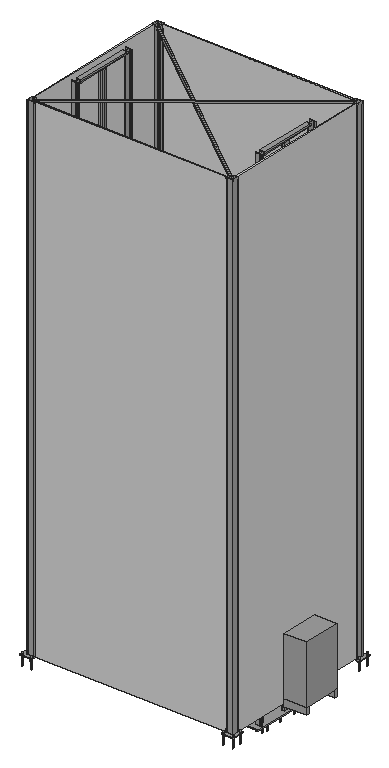
Revit family "1SE_Trez_TC_2C_T_2000_With_Pit", category Specialty Equipment, Revit 2019
Family settings
  Round Connector Dimension = Use Diameter
  Part Type = Normal
  Work Plane-Based = No
  Always vertical = Yes
  Cut with Voids When Loaded = Yes
  Shared = No
  Room Calculation Point = No
Parameters (values of type "Platform-2300x2300mm with Door Height 2500mm")
  Safe Working Load = 2000.00 kg  # constant formula
  Safe Space = if(Cabin or Platform = Cabin, 900.0 mm, if(and(Cabin or Platform = Platform, Door Clear Height > 1900.0 mm), 600.0 mm, 0.0 mm))  # 600.0 mm
  Platform = Speciality_Equipment_Trez_Platform : Platform
  Door Clear Width = Clear Width  # 2300.0 mm
  Door Clear Height = 2500.0 mm
  Clear Width = 2300.0 mm
  URL = "https://trez.bg/en/products/goods-only-lift-tc/tc-2ct-two-cylinders-and-tower/"
  Tower Width = Real Width + 2 * Clearance  # 3150.0 mm
  Tower Depth = Real Depth + 180.0 mm  # 2480.0 mm
  Tower Cladding Material = TREZ_Steel_Cladding
  Real Width = if(Clear Width < 1300.0 mm, 1300.0 mm, if(Clear Width > 2300.0 mm, 2300.0 mm, Clear Width))  # 2300.0 mm
  Real Depth = if(Clear Depth < 1300.0 mm, 1300.0 mm, if(Clear Depth > 2300.0 mm, 2300.0 mm, Clear Depth))  # 2300.0 mm
  Profiles Material = TREZ_Steel_Profiles
  Platform Material = TREZ_Steel_Platform
  Pit Height = 250.0 mm  # constant formula
  Travel = 4500.0 mm
  Rail Height = Travel + Pit Height + Headroom  # 7850.0 mm
  Model = "TC 2C T 2000"
  Manufacturer = "TREZ Ltd."
  Headroom = Door Clear Height + Safe Space  # 3100.0 mm
  Description = "Trez Compact 2 Cylinders Tower. Goods only lift."  # constant formula
  Clear Depth = 2300.0 mm
  Created By URL = "https://all1studio.com/"
  Created By = "All 1 Studio Ltd."
  Clearance = 425.0 mm  # constant formula
  Cabin or Platform Back = yes
  Cabin or Platform = Speciality_Equipment_Trez_Platform : Platform
  Cabin = Speciality_Equipment_Trez_Cabin : Cabin
Reference planes
  plane 1 "Center (Front/Back)": y = 0
  plane 2: z = 0
  plane 3 "Center (Left/Right)": x = 0
  plane 4: x = -1150
  plane 5: x = 1150
  plane 6: y = 1150
  plane 7: y = -1150
  plane 8: x = 1575
  plane 9: y = 1260
  plane 10: x = -1575
  plane 11: y = -1220
  plane 12: x = 1520
  plane 13: x = -1520
  plane 14: y = 1205
  plane 15: y = -1165
  plane 16: z = 4500
  plane 17 "Top of Lift": z = 7600
  plane 18 "Pit": z = -250
  plane 19: x = -1528.5
  plane 20: x = 1528.5
  plane 21: x = 1785
  plane 22: x = -1559.032
  plane 23: x = -1541.032
  plane 24: y = 1244
  plane 25: y = 1226
  plane 26: x = 1559
  plane 27: x = 1541
  plane 28: y = -1204
  plane 29: y = -1186
  plane 30: x = -1635
  plane 31: y = 1320
  plane 32: x = 1635
  plane 33: y = -1280
  plane 34: x = -1388.5
  plane 35: x = 1388.5
  plane 36: z = 7540
  plane 37: z = 40
  plane 38: z = -145
Forms (mm)
  Extrusion 1, solid, material "TREZ_Steel_Cladding" <- "Tower Cladding Material", detail levels coarse+medium
    sketch origin (0, 0, 0) x (1, 0, 0) y (0, 1, 0)
      loop
        line (-1575, 1260) -> (-1575, 1155) -> (-1559.032, 1155) -> (-1559.032, -1115) -> (-1575, -1115) -> (-1575, -1220) -> (-1470, -1220) -> (-1470, -1204) -> (1470, -1204) -> (1470, -1220) -> (1575, -1220) -> (1575, -1115) -> (1559, -1115) -> (1559, 1155) -> (1575, 1155) -> (1575, 1260) -> (1470, 1260) -> (1470, 1244) -> (-1470, 1244) -> (-1470, 1260) -> (-1575, 1260)
      loop
        line (-1520, 1205) -> (-1520, 1155) -> (-1541.032, 1155) -> (-1541.032, -1115) -> (-1520, -1115) -> (-1520, -1165) -> (-1470, -1165) -> (-1470, -1186) -> (1470, -1186) -> (1470, -1165) -> (1520, -1165) -> (1520, -1115) -> (1541, -1115) -> (1541, 1155) -> (1520, 1155) -> (1520, 1205) -> (1470, 1205) -> (1470, 1226) -> (-1470, 1226) -> (-1470, 1205) -> (-1520, 1205)
    from 0 to 7600
  Extrusion 2, void
    sketch origin (0, 0, 0) x (1, 0, 0) y (0, 1, 0)
      loop
        line (-1528.5, 1205) -> (-1528.5, -1165) -> (1528.5, -1165) -> (1528.5, 1205) -> (-1528.5, 1205)
    from 0 to -250
  Extrusion 3, solid, material "TREZ_Steel_Profiles" <- "Profiles Material", detail levels fine
    sketch origin (0, 0, 0) x (1, 0, 0) y (0, 1, 0)
      loop
        line (-1575, 1253) -> (-1575, 1162)
        arc (-1575, 1162) -> (-1572.95, 1157.05) -> (-1568, 1155) r 7
        line (-1568, 1155) -> (-1527, 1155)
        arc (-1527, 1155) -> (-1522.05, 1157.05) -> (-1520, 1162) r 7
        line (-1520, 1162) -> (-1520, 1198)
        arc (-1520, 1198) -> (-1517.95, 1202.95) -> (-1513, 1205) r 7
        line (-1513, 1205) -> (-1477, 1205)
        arc (-1477, 1205) -> (-1472.05, 1207.05) -> (-1470, 1212) r 7
        line (-1470, 1212) -> (-1470, 1253)
        arc (-1470, 1253) -> (-1472.05, 1257.95) -> (-1477, 1260) r 7
        line (-1477, 1260) -> (-1568, 1260)
        arc (-1568, 1260) -> (-1572.95, 1257.95) -> (-1575, 1253) r 7
      loop
        line (1568, 1260) -> (1477, 1260)
        arc (1477, 1260) -> (1472.05, 1257.95) -> (1470, 1253) r 7
        line (1470, 1253) -> (1470, 1212)
        arc (1470, 1212) -> (1472.05, 1207.05) -> (1477, 1205) r 7
        line (1477, 1205) -> (1513, 1205)
        arc (1513, 1205) -> (1517.95, 1202.95) -> (1520, 1198) r 7
        line (1520, 1198) -> (1520, 1162)
        arc (1520, 1162) -> (1522.05, 1157.05) -> (1527, 1155) r 7
        line (1527, 1155) -> (1568, 1155)
        arc (1568, 1155) -> (1572.95, 1157.05) -> (1575, 1162) r 7
        line (1575, 1162) -> (1575, 1253)
        arc (1575, 1253) -> (1572.95, 1257.95) -> (1568, 1260) r 7
      loop
        arc (-1575, -1213) -> (-1572.95, -1217.95) -> (-1568, -1220) r 7
        line (-1568, -1220) -> (-1477, -1220)
        arc (-1477, -1220) -> (-1472.05, -1217.95) -> (-1470, -1213) r 7
        line (-1470, -1213) -> (-1470, -1172)
        arc (-1470, -1172) -> (-1472.05, -1167.05) -> (-1477, -1165) r 7
        line (-1477, -1165) -> (-1513, -1165)
        arc (-1513, -1165) -> (-1517.95, -1162.95) -> (-1520, -1158) r 7
        line (-1520, -1158) -> (-1520, -1122)
        arc (-1520, -1122) -> (-1522.05, -1117.05) -> (-1527, -1115) r 7
        line (-1527, -1115) -> (-1568, -1115)
        arc (-1568, -1115) -> (-1572.95, -1117.05) -> (-1575, -1122) r 7
        line (-1575, -1122) -> (-1575, -1213)
      loop
        arc (1568, -1220) -> (1572.95, -1217.95) -> (1575, -1213) r 7
        line (1575, -1213) -> (1575, -1122)
        arc (1575, -1122) -> (1572.95, -1117.05) -> (1568, -1115) r 7
        line (1568, -1115) -> (1527, -1115)
        arc (1527, -1115) -> (1522.05, -1117.05) -> (1520, -1122) r 7
        line (1520, -1122) -> (1520, -1158)
        arc (1520, -1158) -> (1517.95, -1162.95) -> (1513, -1165) r 7
        line (1513, -1165) -> (1477, -1165)
        arc (1477, -1165) -> (1472.05, -1167.05) -> (1470, -1172) r 7
        line (1470, -1172) -> (1470, -1213)
        arc (1470, -1213) -> (1472.05, -1217.95) -> (1477, -1220) r 7
        line (1477, -1220) -> (1568, -1220)
      loop
        arc (-1473, 1253) -> (-1474.172, 1255.828) -> (-1477, 1257) r 4
        line (-1477, 1257) -> (-1568, 1257)
        arc (-1568, 1257) -> (-1570.828, 1255.828) -> (-1572, 1253) r 4
        line (-1572, 1253) -> (-1572, 1162)
        arc (-1572, 1162) -> (-1570.828, 1159.172) -> (-1568, 1158) r 4
        line (-1568, 1158) -> (-1527, 1158)
        arc (-1527, 1158) -> (-1524.172, 1159.172) -> (-1523, 1162) r 4
        line (-1523, 1162) -> (-1523, 1198)
        arc (-1523, 1198) -> (-1520.071, 1205.071) -> (-1513, 1208) r 10
        line (-1513, 1208) -> (-1477, 1208)
        arc (-1477, 1208) -> (-1474.172, 1209.172) -> (-1473, 1212) r 4
        line (-1473, 1212) -> (-1473, 1253)
      loop
        line (-1473, -1213) -> (-1473, -1172)
        arc (-1473, -1172) -> (-1474.172, -1169.172) -> (-1477, -1168) r 4
        line (-1477, -1168) -> (-1513, -1168)
        arc (-1513, -1168) -> (-1520.071, -1165.071) -> (-1523, -1158) r 10
        line (-1523, -1158) -> (-1523, -1122)
        arc (-1523, -1122) -> (-1524.172, -1119.172) -> (-1527, -1118) r 4
        line (-1527, -1118) -> (-1568, -1118)
        arc (-1568, -1118) -> (-1570.828, -1119.172) -> (-1572, -1122) r 4
        line (-1572, -1122) -> (-1572, -1213)
        arc (-1572, -1213) -> (-1570.828, -1215.828) -> (-1568, -1217) r 4
        line (-1568, -1217) -> (-1477, -1217)
        arc (-1477, -1217) -> (-1474.172, -1215.828) -> (-1473, -1213) r 4
      loop
        line (1572, -1213) -> (1572, -1122)
        arc (1572, -1122) -> (1570.828, -1119.172) -> (1568, -1118) r 4
        line (1568, -1118) -> (1527, -1118)
        arc (1527, -1118) -> (1524.172, -1119.172) -> (1523, -1122) r 4
        line (1523, -1122) -> (1523, -1158)
        arc (1523, -1158) -> (1520.071, -1165.071) -> (1513, -1168) r 10
        line (1513, -1168) -> (1477, -1168)
        arc (1477, -1168) -> (1474.172, -1169.172) -> (1473, -1172) r 4
        line (1473, -1172) -> (1473, -1213)
        arc (1473, -1213) -> (1474.172, -1215.828) -> (1477, -1217) r 4
        line (1477, -1217) -> (1568, -1217)
        arc (1568, -1217) -> (1570.828, -1215.828) -> (1572, -1213) r 4
      loop
        arc (1572, 1253) -> (1570.828, 1255.828) -> (1568, 1257) r 4
        line (1568, 1257) -> (1477, 1257)
        arc (1477, 1257) -> (1474.172, 1255.828) -> (1473, 1253) r 4
        line (1473, 1253) -> (1473, 1212)
        arc (1473, 1212) -> (1474.172, 1209.172) -> (1477, 1208) r 4
        line (1477, 1208) -> (1513, 1208)
        arc (1513, 1208) -> (1520.071, 1205.071) -> (1523, 1198) r 10
        line (1523, 1198) -> (1523, 1162)
        arc (1523, 1162) -> (1524.172, 1159.172) -> (1527, 1158) r 4
        line (1527, 1158) -> (1568, 1158)
        arc (1568, 1158) -> (1570.828, 1159.172) -> (1572, 1162) r 4
        line (1572, 1162) -> (1572, 1253)
    from 5 to 7600
  Extrusion 4, solid, material "TREZ_Steel_Cladding" <- "Tower Cladding Material", detail levels fine
    sketch origin (0, 0, 0) x (1, 0, 0) y (0, 1, 0)
      loop
        line (1559, 1155) -> (1541, 1155) -> (1541, -1115) -> (1559, -1115) -> (1559, 1155)
      loop
        line (1470, 1244) -> (-1470, 1244) -> (-1470, 1226) -> (1470, 1226) -> (1470, 1244)
      loop
        line (1470, -1186) -> (-1470, -1186) -> (-1470, -1204) -> (1470, -1204) -> (1470, -1186)
      loop
        line (-1541.032, -1115) -> (-1541.032, 1155) -> (-1559.032, 1155) -> (-1559.032, -1115) -> (-1541.032, -1115)
    from 0 to 7600
  Extrusion 5, solid, material "TREZ_Steel_Profiles" <- "Profiles Material", detail levels fine
    sketch origin (0, 0, 0) x (1, 0, 0) y (0, 1, 0)
      loop
        arc (1457, 1320) -> (1452.05, 1317.95) -> (1450, 1313) r 7
        line (1450, 1313) -> (1450, 1260) -> (1470, 1260) -> (1470, 1205) -> (1520, 1205) -> (1520, 1155) -> (1575, 1155) -> (1575, 1135) -> (1628, 1135)
        arc (1628, 1135) -> (1632.95, 1137.05) -> (1635, 1142) r 7
        line (1635, 1142) -> (1635, 1313)
        arc (1635, 1313) -> (1632.95, 1317.95) -> (1628, 1320) r 7
        line (1628, 1320) -> (1457, 1320)
      loop
        line (-1457, 1320) -> (-1628, 1320)
        arc (-1628, 1320) -> (-1632.95, 1317.95) -> (-1635, 1313) r 7
        line (-1635, 1313) -> (-1635, 1142)
        arc (-1635, 1142) -> (-1632.95, 1137.05) -> (-1628, 1135) r 7
        line (-1628, 1135) -> (-1575, 1135) -> (-1575, 1155) -> (-1520, 1155) -> (-1520, 1205) -> (-1470, 1205) -> (-1470, 1260) -> (-1450, 1260) -> (-1450, 1313)
        arc (-1450, 1313) -> (-1452.05, 1317.95) -> (-1457, 1320) r 7
      loop
        line (1457, -1280) -> (1628, -1280)
        arc (1628, -1280) -> (1632.95, -1277.95) -> (1635, -1273) r 7
        line (1635, -1273) -> (1635, -1102)
        arc (1635, -1102) -> (1632.95, -1097.05) -> (1628, -1095) r 7
        line (1628, -1095) -> (1575, -1095) -> (1575, -1115) -> (1520, -1115) -> (1520, -1165) -> (1470, -1165) -> (1470, -1220) -> (1450, -1220) -> (1450, -1273)
        arc (1450, -1273) -> (1452.05, -1277.95) -> (1457, -1280) r 7
      loop
        arc (-1457, -1280) -> (-1452.05, -1277.95) -> (-1450, -1273) r 7
        line (-1450, -1273) -> (-1450, -1220) -> (-1470, -1220) -> (-1470, -1165) -> (-1520, -1165) -> (-1520, -1115) -> (-1575, -1115) -> (-1575, -1095) -> (-1628, -1095)
        arc (-1628, -1095) -> (-1632.95, -1097.05) -> (-1635, -1102) r 7
        line (-1635, -1102) -> (-1635, -1273)
        arc (-1635, -1273) -> (-1632.95, -1277.95) -> (-1628, -1280) r 7
        line (-1628, -1280) -> (-1457, -1280)
    from 5 to 0
  Sweep 6, solid, material "TREZ_Steel_Profiles" <- "Profiles Material", detail levels fine
    path origin (0, 0, 7600) x (-1, 0, 0) y (0, -1, 0)
      loop
        line (1520, 1165) -> (-1520, -1205)
    profile origin (0, 20, 7600) x (-0.614838, 0.788653, 0) y (0, 0, 1)
      loop
        line (15, 0) -> (-15, 0) -> (-15, -30) -> (15, -30) -> (15, 0)
  Sweep 7, solid, material "TREZ_Steel_Profiles" <- "Profiles Material", detail levels fine
    path origin (0, 0, 7600) x (-1, 0, 0) y (0, -1, 0)
      loop
        line (1520, -1205) -> (-1520, 1165)
    profile origin (0, 20, 7600) x (0.614838, 0.788653, 0) y (0, 0, 1)
      loop
        line (-15, -60) -> (15, -60) -> (15, -30) -> (-15, -30) -> (-15, -60)
  Extrusion 8, void
    sketch origin (0, 0, 7600) x (-1, 0, 0) y (0, -1, 0)
      loop
        arc (1527, -1155) -> (1522.05, -1157.05) -> (1520, -1162) r 7
        line (1520, -1162) -> (1520, -1198)
        arc (1520, -1198) -> (1517.95, -1202.95) -> (1513, -1205) r 7
        line (1513, -1205) -> (1477, -1205)
        arc (1477, -1205) -> (1472.05, -1207.05) -> (1470, -1212) r 7
        line (1470, -1212) -> (1470, -1253)
        arc (1470, -1253) -> (1472.05, -1257.95) -> (1477, -1260) r 7
        line (1477, -1260) -> (1568, -1260)
        arc (1568, -1260) -> (1572.95, -1257.95) -> (1575, -1253) r 7
        line (1575, -1253) -> (1575, -1162)
        arc (1575, -1162) -> (1572.95, -1157.05) -> (1568, -1155) r 7
        line (1568, -1155) -> (1527, -1155)
      loop
        arc (-1470, -1212) -> (-1472.05, -1207.05) -> (-1477, -1205) r 7
        line (-1477, -1205) -> (-1513, -1205)
        arc (-1513, -1205) -> (-1517.95, -1202.95) -> (-1520, -1198) r 7
        line (-1520, -1198) -> (-1520, -1162)
        arc (-1520, -1162) -> (-1522.05, -1157.05) -> (-1527, -1155) r 7
        line (-1527, -1155) -> (-1568, -1155)
        arc (-1568, -1155) -> (-1572.95, -1157.05) -> (-1575, -1162) r 7
        line (-1575, -1162) -> (-1575, -1253)
        arc (-1575, -1253) -> (-1572.95, -1257.95) -> (-1568, -1260) r 7
        line (-1568, -1260) -> (-1477, -1260)
        arc (-1477, -1260) -> (-1472.05, -1257.95) -> (-1470, -1253) r 7
        line (-1470, -1253) -> (-1470, -1212)
      loop
        arc (-1527, 1115) -> (-1522.05, 1117.05) -> (-1520, 1122) r 7
        line (-1520, 1122) -> (-1520, 1158)
        arc (-1520, 1158) -> (-1517.95, 1162.95) -> (-1513, 1165) r 7
        line (-1513, 1165) -> (-1477, 1165)
        arc (-1477, 1165) -> (-1472.05, 1167.05) -> (-1470, 1172) r 7
        line (-1470, 1172) -> (-1470, 1213)
        arc (-1470, 1213) -> (-1472.05, 1217.95) -> (-1477, 1220) r 7
        line (-1477, 1220) -> (-1568, 1220)
        arc (-1568, 1220) -> (-1572.95, 1217.95) -> (-1575, 1213) r 7
        line (-1575, 1213) -> (-1575, 1122)
        arc (-1575, 1122) -> (-1572.95, 1117.05) -> (-1568, 1115) r 7
        line (-1568, 1115) -> (-1527, 1115)
      loop
        arc (1520, 1122) -> (1522.05, 1117.05) -> (1527, 1115) r 7
        line (1527, 1115) -> (1568, 1115)
        arc (1568, 1115) -> (1572.95, 1117.05) -> (1575, 1122) r 7
        line (1575, 1122) -> (1575, 1213)
        arc (1575, 1213) -> (1572.95, 1217.95) -> (1568, 1220) r 7
        line (1568, 1220) -> (1477, 1220)
        arc (1477, 1220) -> (1472.05, 1217.95) -> (1470, 1213) r 7
        line (1470, 1213) -> (1470, 1172)
        arc (1470, 1172) -> (1472.05, 1167.05) -> (1477, 1165) r 7
        line (1477, 1165) -> (1513, 1165)
        arc (1513, 1165) -> (1517.95, 1162.95) -> (1520, 1158) r 7
        line (1520, 1158) -> (1520, 1122)
    from -60 to 0
  Extrusion 9, solid, material "TREZ_Steel_Profiles" <- "Profiles Material", detail levels fine
    sketch origin (0, 0, 0) x (1, 0, 0) y (0, 1, 0)
      loop
        circle (-1610.697, 1304.303) r 6
      loop
        circle (-1465.697, 1304.303) r 6
      loop
        circle (-1610.697, 1159.303) r 6
      loop
        circle (1610.697, 1304.303) r 6
      loop
        circle (1465.697, 1304.303) r 6
      loop
        circle (1610.697, 1159.303) r 6
      loop
        circle (-1610.697, -1264.303) r 6
      loop
        circle (-1465.697, -1264.303) r 6
      loop
        circle (-1610.697, -1119.303) r 6
      loop
        circle (1610.697, -1264.303) r 6
      loop
        circle (1465.697, -1264.303) r 6
      loop
        circle (1610.697, -1119.303) r 6
    from -145 to 40
Cuts and joins
  Extrusion 2 cuts Extrusion 1
  Extrusion 8 cuts Sweep 6
  Extrusion 8 cuts Sweep 7
  joined: Extrusion 5, Extrusion 9
Lines and regions (mm)
  symbolic lines, style "Profiles"
    curve 1: line (-1575, 1260, 0) -> (-1470, 1260, 0)
    curve 2: line (-1470, 1260, 0) -> (-1470, 1205, 0)
    curve 3: line (-1470, 1205, 0) -> (-1520, 1205, 0)
    curve 4: line (-1520, 1205, 0) -> (-1520, 1155, 0)
    curve 5: line (-1520, 1155, 0) -> (-1575, 1155, 0)
    curve 6: line (-1575, 1155, 0) -> (-1575, 1260, 0)
    curve 7: line (1470, 1260, 0) -> (1575, 1260, 0)
    curve 8: line (1575, 1260, 0) -> (1575, 1155, 0)
    curve 9: line (1575, 1155, 0) -> (1520, 1155, 0)
    curve 10: line (1520, 1155, 0) -> (1520, 1205, 0)
    curve 11: line (1520, 1205, 0) -> (1470, 1205, 0)
    curve 12: line (1470, 1205, 0) -> (1470, 1260, 0)
    curve 13: line (-1575, -1115, 0) -> (-1520, -1115, 0)
    curve 14: line (-1520, -1115, 0) -> (-1520, -1165, 0)
    curve 15: line (-1520, -1165, 0) -> (-1470, -1165, 0)
    curve 16: line (-1470, -1165, 0) -> (-1470, -1220, 0)
    curve 17: line (-1470, -1220, 0) -> (-1575, -1220, 0)
    curve 18: line (-1575, -1220, 0) -> (-1575, -1115, 0)
    curve 19: line (1470, -1165, 0) -> (1520, -1165, 0)
    curve 20: line (1520, -1165, 0) -> (1520, -1115, 0)
    curve 21: line (1520, -1115, 0) -> (1575, -1115, 0)
    curve 22: line (1575, -1115, 0) -> (1575, -1220, 0)
    curve 23: line (1575, -1220, 0) -> (1470, -1220, 0)
    curve 24: line (1470, -1165, 0) -> (1470, -1220, 0)
    curve 25: line (1559, 1155, 0) -> (1541, 1155, 0)
    curve 26: line (1559, -1115, 0) -> (1559, 1155, 0)
    curve 27: line (1541, -1115, 0) -> (1559, -1115, 0)
    curve 28: line (1541, 1155, 0) -> (1541, -1115, 0)
    curve 29: line (1470, -1186, 0) -> (-1470, -1186, 0)
    curve 30: line (1470, -1204, 0) -> (1470, -1186, 0)
    curve 31: line (-1470, -1204, 0) -> (1470, -1204, 0)
    curve 32: line (-1470, -1186, 0) -> (-1470, -1204, 0)
    curve 33: line (-1541.032, -1115, 0) -> (-1559.032, -1115, 0)
    curve 34: line (-1541.032, 1155, 0) -> (-1541.032, -1115, 0)
    curve 35: line (-1559.032, 1155, 0) -> (-1541.032, 1155, 0)
    curve 36: line (-1559.032, -1115, 0) -> (-1559.032, 1155, 0)
    curve 37: line (-1470, 1226, 0) -> (1470, 1226, 0)
    curve 38: line (-1470, 1244, 0) -> (-1470, 1226, 0)
    curve 39: line (1470, 1244, 0) -> (-1470, 1244, 0)
    curve 40: line (1470, 1226, 0) -> (1470, 1244, 0)
  symbolic lines, style "Platform"
    curve 41: line (-1150, 1150, 0) -> (1150, 1150, 0)
    curve 42: line (-1150, -1150, 0) -> (-1150, 1150, 0)
    curve 43: line (1150, -1150, 0) -> (-1150, -1150, 0)
    curve 44: line (1150, 1150, 0) -> (1150, -1150, 0)
    curve 45: line (-1150, 1150, 0) -> (1150, -1150, 0)
    curve 46: line (1150, 1150, 0) -> (-1150, -1150, 0)
  model lines, style "Profiles", detail levels coarse+medium
    curve 47: line (-1520, 1205, 7600) -> (1520, -1165, 7600)
    curve 48: line (1520, 1205, 7600) -> (-1520, -1165, 7600)
Dimensions and locks
  equal spacing: plane 4, plane 3 "Center (Left/Right)", plane 5
  "Real Width": plane 4 to plane 5
  equal spacing: plane 7, plane 1 "Center (Front/Back)", plane 6
  "Real Depth": plane 7 to plane 6
  locked: plane 6 to plane 9 at 110
  locked: plane 7 to plane 11 at 70
  locked: plane 12 to plane 8 at 55
  locked: plane 10 to plane 13 at 55
  locked: plane 14 to plane 9 at 55
  locked: plane 15 to plane 11 at 55
  "Travel": plane 16 to level
  "Pit Height": level to plane 18 "Pit"
  "Clearance": plane 5 to plane 8
  "Clearance": plane 10 to plane 4
  locked: plane 8 to plane 21 at 210
  locked: plane 10 to plane 19 at 46.5
  locked: plane 20 to plane 8 at 46.5
  plane 10 to plane 22 to plane 23 = 15.968 mm locked, 18.0 mm locked
  plane 25 to plane 24 to plane 9 = 18.0 mm locked, 16.0 mm locked
  plane 27 to plane 26 to plane 8 = 18.0 mm locked, 16.0 mm locked
  plane 29 to plane 28 to plane 11 = 18.0 mm locked, 16.0 mm locked
  locked: plane 30 to plane 10 at 60
  locked: plane 9 to plane 31 at 60
  locked: plane 8 to plane 32 at 60
  locked: plane 11 to plane 33 at 60
  locked: plane 10 to plane 34 at 186.5
  locked: plane 35 to plane 8 at 186.5
  "Headroom": plane 17 "Top of Lift" to plane 16
  locked: plane 17 "Top of Lift" to plane 36 at 60
  locked: plane 37 to level at 40
  locked: level to plane 38 at 145
  aligned and locked: level to plane 2
  aligned and locked: plane 9 to Extrusion 1 sketch curve
  aligned and locked: plane 10 to Extrusion 1 sketch curve
  aligned and locked: plane 11 to Extrusion 1 sketch curve
  aligned and locked: plane 8 to Extrusion 1 sketch curve
  aligned and locked: plane 14 to Extrusion 1 sketch curve
  aligned and locked: plane 13 to Extrusion 1 sketch curve
  aligned and locked: plane 15 to Extrusion 1 sketch curve
  aligned and locked: plane 12 to Extrusion 1 sketch curve
  aligned and locked: plane 17 "Top of Lift" to Extrusion 1
  aligned and locked: plane 20 to Extrusion 2 sketch curve
  aligned and locked: plane 15 to Extrusion 2 sketch curve
  aligned and locked: plane 14 to Extrusion 2 sketch curve
  aligned and locked: plane 19 to Extrusion 2 sketch curve
  aligned and locked: Extrusion 2 to plane 18 "Pit"
  aligned and locked: plane 1 "Center (Front/Back)" to nested 1
  aligned and locked: plane 3 "Center (Left/Right)" to nested 1
  aligned and locked: nested 2 to plane 21
  aligned and locked: Extrusion 3 sketch curve to plane 10
  aligned and locked: Extrusion 3 sketch curve to plane 9  (x2)
  aligned and locked: Extrusion 3 sketch curve to plane 13
  aligned and locked: Extrusion 3 sketch curve to plane 14  (x2)
  aligned and locked: plane 8 to Extrusion 3 sketch curve
  aligned and locked: plane 17 "Top of Lift" to Extrusion 3
  aligned and locked: Extrusion 4 sketch curve to Extrusion 3  (x6)
  aligned and locked: Extrusion 4 sketch curve to plane 26
  aligned and locked: plane 27 to Extrusion 4 sketch curve
  aligned and locked: Extrusion 4 sketch curve to plane 24
  aligned and locked: plane 25 to Extrusion 4 sketch curve
  aligned and locked: plane 29 to Extrusion 4 sketch curve
  aligned and locked: Extrusion 4 sketch curve to plane 28
  aligned and locked: Extrusion 3 to Extrusion 4 sketch curve  (x2)
  aligned and locked: Extrusion 4 sketch curve to plane 23
  aligned and locked: plane 22 to Extrusion 4 sketch curve
  aligned and locked: plane 17 "Top of Lift" to Extrusion 4
  aligned and locked: plane 34 to nested 3
  aligned and locked: nested 4 to plane 35
  aligned and locked: nested 3 to plane 18 "Pit"
  aligned and locked: plane 18 "Pit" to nested 4
  aligned and locked: plane 1 "Center (Front/Back)" to nested 3
  aligned and locked: nested 4 to plane 1 "Center (Front/Back)"
  aligned and locked: plane 14 to Sweep 6 sketch curve
  aligned and locked: plane 12 to Sweep 6 sketch curve
  aligned and locked: plane 13 to Sweep 6 sketch curve
  aligned and locked: plane 15 to Sweep 6 sketch curve
  aligned and locked: plane 12 to Sweep 7 sketch curve
  aligned and locked: plane 15 to Sweep 7 sketch curve
  aligned and locked: plane 14 to Sweep 7 sketch curve
  aligned and locked: plane 13 to Sweep 7 sketch curve
  aligned and locked: plane 36 to Extrusion 8
  aligned and locked: plane 17 "Top of Lift" to Extrusion 8
  aligned and locked: Extrusion 9 to plane 38
  aligned and locked: plane 37 to Extrusion 9
  aligned and locked: plane 16 to nested 1
Automatic sketch dimensions
  Extrusion 1 sketch curve to plane 10 = 0.0 mm
  Extrusion 1 sketch curve to plane 22 = 0.0 mm
  Extrusion 1 sketch curve to plane 23 = 0.0 mm
  Extrusion 1 sketch curve to plane 13 = 0.0 mm
  Extrusion 1 sketch curve to plane 29 = 0.0 mm
  Extrusion 1 sketch curve to plane 15 = 0.0 mm
  Extrusion 1 sketch curve to plane 28 = 0.0 mm
  Extrusion 1 sketch curve to plane 11 = 0.0 mm
  plane 25 to Extrusion 1 sketch curve = 0.0 mm
  plane 24 to Extrusion 1 sketch curve = 0.0 mm
  plane 9 to Extrusion 1 sketch curve = 0.0 mm
  plane 14 to Extrusion 1 sketch curve = 0.0 mm
  Extrusion 1 sketch curve to plane 12 = 0.0 mm
  Extrusion 1 sketch curve to plane 27 = 0.0 mm
  Extrusion 1 sketch curve to plane 26 = 0.0 mm
  Extrusion 1 sketch curve to plane 8 = 0.0 mm
  plane 13 to Extrusion 1 sketch curve = 50.0 mm  (x2)
  Extrusion 1 sketch curve to Extrusion 1 sketch curve = 0.0 mm  (x5)
  plane 12 to Extrusion 1 sketch curve = 50.0 mm  (x2)
  plane 7 to Extrusion 1 sketch curve = 35.0 mm  (x3)
  Extrusion 1 sketch curve to plane 6 = 5.0 mm  (x4)
  Extrusion 3 sketch curve to Extrusion 3 sketch curve = 0.0 mm  (x48)
  Extrusion 3 sketch curve to plane 10 = 0.0 mm
  Extrusion 3 sketch curve to plane 11 = 0.0 mm  (x2)
  Extrusion 3 sketch curve to plane 13 = 0.0 mm
  Extrusion 3 sketch curve to plane 15 = 0.0 mm  (x2)
  Extrusion 3 sketch curve to plane 12 = 0.0 mm  (x2)
  Extrusion 3 sketch curve to plane 8 = 0.0 mm
  Extrusion 3 sketch curve to Extrusion 3 sketch curve = 3.0 mm  (x4)
  Extrusion 3 sketch curve to Extrusion 3 sketch curve = 4.0 mm  (x9)
  plane 10 to Extrusion 3 sketch curve = 7.0 mm
  plane 19 to Extrusion 3 sketch curve = 1.5 mm  (x2)
  plane 13 to Extrusion 3 sketch curve = 7.0 mm  (x2)
  Extrusion 3 sketch curve to plane 15 = 7.0 mm  (x2)
  Extrusion 3 sketch curve to Extrusion 3 sketch curve = 36.0 mm  (x2)
  Extrusion 3 sketch curve to plane 14 = 7.0 mm
  plane 9 to Extrusion 3 sketch curve = 7.0 mm
  plane 12 to Extrusion 3 sketch curve = 50.0 mm  (x2)
  Extrusion 3 sketch curve to Extrusion 3 sketch curve = 7.0 mm
  plane 12 to Extrusion 3 sketch curve = 7.0 mm
  plane 20 to Extrusion 3 sketch curve = 1.5 mm  (x2)
  plane 8 to Extrusion 3 sketch curve = 7.0 mm  (x2)
  Extrusion 3 sketch curve to plane 6 = 5.0 mm  (x2)
  plane 7 to Extrusion 3 sketch curve = 28.0 mm  (x2)
  Extrusion 5 sketch curve to plane 30 = 0.0 mm  (x2)
  plane 31 to Extrusion 5 sketch curve = 0.0 mm  (x2)
  Extrusion 5 sketch curve to plane 33 = 0.0 mm  (x2)
  Extrusion 5 sketch curve to plane 10 = 0.0 mm  (x2)
  Extrusion 5 sketch curve to plane 13 = 0.0 mm  (x2)
  plane 9 to Extrusion 5 sketch curve = 0.0 mm  (x2)
  Extrusion 5 sketch curve to plane 11 = 0.0 mm  (x2)
  Extrusion 5 sketch curve to plane 15 = 0.0 mm  (x2)
  plane 14 to Extrusion 5 sketch curve = 0.0 mm  (x2)
  Extrusion 5 sketch curve to plane 12 = 0.0 mm  (x2)
  Extrusion 5 sketch curve to plane 8 = 0.0 mm  (x2)
  Extrusion 5 sketch curve to plane 32 = 0.0 mm  (x2)
  plane 30 to Extrusion 5 sketch curve = 7.0 mm  (x4)
  plane 13 to Extrusion 5 sketch curve = 50.0 mm  (x2)
  Extrusion 5 sketch curve to Extrusion 5 sketch curve = 13.0 mm  (x2)
  plane 31 to Extrusion 5 sketch curve = 7.0 mm
  Extrusion 5 sketch curve to Extrusion 5 sketch curve = 20.0 mm  (x2)
  Extrusion 5 sketch curve to plane 35 = 61.5 mm  (x2)
  Extrusion 5 sketch curve to Extrusion 5 sketch curve = 7.0 mm  (x3)
  Extrusion 5 sketch curve to Extrusion 5 sketch curve = 50.0 mm
  plane 32 to Extrusion 5 sketch curve = 7.0 mm  (x3)
  plane 7 to Extrusion 5 sketch curve = 35.0 mm  (x2)
  plane 7 to Extrusion 5 sketch curve = 48.0 mm  (x2)
  plane 6 to Extrusion 5 sketch curve = 15.0 mm  (x2)
  Extrusion 5 sketch curve to plane 6 = 5.0 mm  (x2)
  profile plane to Sweep 6 sketch curve = 15.0 mm
  Sweep 6 sketch curve to Sweep 6 sketch curve = 30.0 mm
  Sweep 6 sketch curve to profile plane = 15.0 mm
  plane 17 "Top of Lift" to Sweep 6 sketch curve = 0.0 mm
  profile plane to Sweep 7 sketch curve = 15.0 mm
  Sweep 7 sketch curve to profile plane = 15.0 mm
  Sweep 7 sketch curve to plane 17 "Top of Lift" = 60.0 mm
  Sweep 7 sketch curve to Sweep 7 sketch curve = 30.0 mm
  plane 9 to Extrusion 8 sketch curve = 0.0 mm  (x2)
  plane 14 to Extrusion 8 sketch curve = 0.0 mm  (x2)
  Extrusion 8 sketch curve to plane 13 = 0.0 mm  (x2)
  Extrusion 8 sketch curve to plane 10 = 0.0 mm  (x2)
  Extrusion 8 sketch curve to Extrusion 8 sketch curve = 7.0 mm  (x9)
  plane 13 to Extrusion 8 sketch curve = 43.0 mm
  Extrusion 8 sketch curve to Extrusion 8 sketch curve = 36.0 mm  (x2)
  plane 19 to Extrusion 8 sketch curve = 1.5 mm  (x2)
  plane 10 to Extrusion 8 sketch curve = 7.0 mm
  Extrusion 8 sketch curve to plane 6 = 12.0 mm
  Extrusion 8 sketch curve to plane 8 = 0.0 mm  (x2)
  Extrusion 8 sketch curve to plane 12 = 0.0 mm  (x2)
  Extrusion 8 sketch curve to plane 6 = 5.0 mm
  plane 8 to Extrusion 8 sketch curve = 7.0 mm  (x3)
  plane 20 to Extrusion 8 sketch curve = 1.5 mm  (x2)
  Extrusion 8 sketch curve to plane 14 = 7.0 mm
  Extrusion 8 sketch curve to plane 11 = 0.0 mm  (x2)
  Extrusion 8 sketch curve to plane 15 = 0.0 mm  (x2)
  plane 12 to Extrusion 8 sketch curve = 7.0 mm
  plane 11 to Extrusion 8 sketch curve = 7.0 mm  (x2)
  plane 12 to Extrusion 8 sketch curve = 43.0 mm
  Extrusion 8 sketch curve to plane 15 = 7.0 mm
  plane 7 to Extrusion 8 sketch curve = 35.0 mm  (x2)
  plane 13 to Extrusion 8 sketch curve = 50.0 mm
  plane 13 to Extrusion 8 sketch curve = 7.0 mm
  curve 47 to plane 12 = 0.0 mm
  curve 48 to plane 12 = 0.0 mm
  curve 48 to plane 13 = 0.0 mm
  curve 47 to plane 13 = 0.0 mm
  plane 14 to curve 48 = 0.0 mm
  plane 14 to curve 47 = 0.0 mm
  curve 48 to plane 15 = 0.0 mm
  curve 47 to plane 15 = 0.0 mm
  plane 9 to curve 1 = 0.0 mm
  curve 1 to plane 10 = 0.0 mm
  curve 18 to plane 10 = 0.0 mm
  curve 36 to plane 22 = 0.0 mm
  curve 35 to plane 23 = 0.0 mm
  curve 4 to plane 13 = 0.0 mm
  curve 15 to plane 13 = 0.0 mm
  plane 25 to curve 37 = 0.0 mm
  curve 15 to plane 15 = 0.0 mm
  curve 16 to plane 11 = 0.0 mm
  plane 24 to curve 38 = 0.0 mm
  curve 32 to plane 28 = 0.0 mm
  curve 32 to plane 29 = 0.0 mm
  plane 14 to curve 2 = 0.0 mm
  curve 42 to plane 4 = 0.0 mm
  curve 44 to plane 5 = 0.0 mm
  curve 24 to plane 11 = 0.0 mm
  curve 24 to plane 15 = 0.0 mm
  plane 14 to curve 11 = 0.0 mm
  plane 9 to curve 7 = 0.0 mm
  curve 19 to plane 12 = 0.0 mm
  curve 11 to plane 12 = 0.0 mm
  curve 25 to plane 27 = 0.0 mm
  curve 27 to plane 26 = 0.0 mm
  curve 22 to plane 8 = 0.0 mm
  curve 9 to plane 8 = 0.0 mm
  curve 43 to plane 7 = 0.0 mm
  plane 6 to curve 44 = 0.0 mm
  plane 13 to curve 37 = 50.0 mm
  plane 13 to curve 15 = 50.0 mm
  curve 32 to curve 16 = 0.0 mm
  curve 2 to curve 37 = 0.0 mm
  plane 12 to curve 29 = 50.0 mm
  curve 24 to curve 30 = 0.0 mm
  plane 12 to curve 39 = 50.0 mm
  curve 11 to curve 37 = 0.0 mm
  plane 7 to curve 14 = 35.0 mm
  curve 33 to curve 13 = 0.0 mm
  plane 7 to curve 28 = 35.0 mm
  curve 20 to curve 27 = 0.0 mm
  curve 10 to plane 6 = 5.0 mm
  curve 28 to plane 6 = 5.0 mm
  curve 35 to plane 6 = 5.0 mm
  curve 6 to plane 6 = 5.0 mm
  plane 30 to Extrusion 9 sketch curve = 24.303 mm  (x4)
  Extrusion 9 sketch curve to plane 6 = 9.303 mm  (x2)
  plane 31 to Extrusion 9 sketch curve = 15.697 mm  (x4)
  plane 13 to Extrusion 9 sketch curve = 54.303 mm  (x2)
  plane 33 to Extrusion 9 sketch curve = 15.697 mm  (x4)
  plane 12 to Extrusion 9 sketch curve = 54.303 mm  (x2)
  plane 32 to Extrusion 9 sketch curve = 24.303 mm  (x4)
  plane 7 to Extrusion 9 sketch curve = 30.697 mm  (x2)
  radius of Extrusion 9 sketch curve = 6.0 mm  (x12)
Nested families
  nested 1: "Speciality_Equipment_Trez_Platform" at (0, 0, 4500), type <- "Cabin or Platform", type "Platform"
    with Width 2300.0 mm, Depth 2300.0 mm
  nested 2: "Electrical_Equpment_Trez_Cabinet" at (1785, 0, 0) x (0, 1, 0) z (0, 0, 1), type "Cabinet"
  nested 3: "Generic_Model_Trez_Rails" at (-1388.5, 0, -250), type "Rails"
    with Height 7850.0 mm
  nested 4: "Generic_Model_Trez_Rails" at (1388.5, 0, -250) x (-1, 0, 0) z (0, 0, 1), type "Rails"
    with Height 7850.0 mm
Definition of nested family "Speciality_Equipment_Trez_Platform"
  Parameters (values of type "Speciality_Equipment_Trez_Platform")
    Width = 3600.0 mm
    Platform Material = none
    Depth = 2900.0 mm
    Back Board = yes
  Reference planes
    plane 1 "Center (Front/Back)": y = 0
    plane 2 "Bottom": z = 0
    plane 3 "Center (Left/Right)": x = 0
    plane 4: x = 1800
    plane 5: x = -1800
    plane 6: y = 1450
    plane 7: y = -1450
    plane 8: x = -1889
    plane 9: x = 1889
    plane 10: y = 1485
    plane 11: z = -89
    plane 12: z = 709
  Forms (mm)
    Extrusion 1, solid, material <- "Platform Material", visible <- "Back Board"
      sketch origin (0, 0, 0) x (1, 0, 0) y (0, 1, 0)
        loop
          line (-1889, 1485) -> (-1889, 1450) -> (1889, 1450) -> (1889, 1485) -> (-1889, 1485)
      from 0 to 709
    Extrusion 2, solid, material <- "Platform Material", detail levels coarse+medium
      sketch origin (0, 0, 0) x (1, 0, 0) y (0, 0, 1)
        loop
          line (-1800, 709) -> (-1889, 709) -> (-1889, -89) -> (1889, -89) -> (1889, 709) -> (1800, 709) -> (1800, 0) -> (-1800, 0) -> (-1800, 709)
      from -1450 to 1450
    Extrusion 3, solid, material <- "Platform Material", detail levels fine
      sketch origin (0, 0, 0) x (1, 0, 0) y (0, 0, 1)
        loop
          arc (-1874, 709) -> (-1884.607, 704.607) -> (-1889, 694) r 15
          line (-1889, 694) -> (-1889, -74)
          arc (-1889, -74) -> (-1884.607, -84.607) -> (-1874, -89) r 15
          line (-1874, -89) -> (1874, -89)
          arc (1874, -89) -> (1884.607, -84.607) -> (1889, -74) r 15
          line (1889, -74) -> (1889, 694)
          arc (1889, 694) -> (1884.607, 704.607) -> (1874, 709) r 15
          line (1874, 709) -> (1815, 709)
          arc (1815, 709) -> (1804.393, 704.607) -> (1800, 694) r 15
          line (1800, 694) -> (1800, 15)
          arc (1800, 15) -> (1795.607, 4.393) -> (1785, 0) r 15
          line (1785, 0) -> (-1785, 0)
          arc (-1785, 0) -> (-1795.607, 4.393) -> (-1800, 15) r 15
          line (-1800, 15) -> (-1800, 694)
          arc (-1800, 694) -> (-1804.393, 704.607) -> (-1815, 709) r 15
          line (-1815, 709) -> (-1874, 709)
      from -1450 to 1450
  Dimensions and locks
    equal spacing: plane 5, plane 3 "Center (Left/Right)", plane 4
    "Width": plane 5 to plane 4
    equal spacing: plane 7, plane 1 "Center (Front/Back)", plane 6
    "Depth": plane 6 to plane 7
    locked: plane 8 to plane 5 at 89
    locked: plane 4 to plane 9 at 89
    locked: plane 10 to plane 6 at 35
    locked: plane 2 "Bottom" to plane 11 at 89
    locked: plane 12 to plane 2 "Bottom" at 709
    aligned and locked: level to plane 2 "Bottom"
    aligned and locked: Extrusion 1 sketch curve to plane 10
    aligned and locked: plane 8 to Extrusion 1 sketch curve
    aligned and locked: plane 5 to Extrusion 2 sketch curve
    aligned and locked: plane 8 to Extrusion 2 sketch curve
    aligned and locked: Extrusion 2 sketch curve to plane 9
    aligned and locked: Extrusion 2 sketch curve to plane 4
    aligned and locked: Extrusion 2 sketch curve to plane 2 "Bottom"
    aligned and locked: Extrusion 2 sketch curve to plane 11
    aligned and locked: Extrusion 2 sketch curve to plane 12
    aligned and locked: Extrusion 2 to plane 6
    aligned and locked: Extrusion 2 to plane 7
    aligned and locked: Extrusion 3 sketch curve to plane 12
    aligned and locked: plane 8 to Extrusion 3 sketch curve
    aligned and locked: plane 5 to Extrusion 3 sketch curve
    aligned and locked: Extrusion 3 sketch curve to plane 4
    aligned and locked: Extrusion 3 sketch curve to plane 9
    aligned and locked: Extrusion 3 sketch curve to plane 2 "Bottom"
    aligned and locked: Extrusion 3 sketch curve to plane 11
    aligned and locked: Extrusion 3 to plane 7
    aligned and locked: Extrusion 3 to plane 6
  Automatic sketch dimensions
    plane 12 to Extrusion 2 sketch curve = 0.0 mm
    Extrusion 1 sketch curve to plane 6 = 0.0 mm
    Extrusion 1 sketch curve to plane 9 = 0.0 mm
    Extrusion 3 sketch curve to plane 12 = 0.0 mm
    Extrusion 3 sketch curve to Extrusion 3 sketch curve = 15.0 mm  (x4)
    plane 5 to Extrusion 3 sketch curve = 15.0 mm
    Extrusion 3 sketch curve to plane 4 = 15.0 mm
    plane 4 to Extrusion 3 sketch curve = 15.0 mm
    Extrusion 3 sketch curve to plane 9 = 15.0 mm
Definition of nested family "Electrical_Equpment_Trez_Cabinet"
  Parameters (values of type "Electrical_Equpment_Trez_Cabinet")
    Width = 584.0 mm
    Depth = 348.0 mm
    Cabinet Material = none
  Reference planes
    plane 1 "Center (Front/Back)": y = 0
    plane 2: z = 0
    plane 3 "Center (Left/Right)": x = 0
    plane 4: x = -292
    plane 5: x = 292
    plane 6: y = 174
    plane 7: y = -174
    plane 8: z = 100
    plane 9: z = 1000
    plane 10: x = -257
    plane 11: x = 257
  Forms (mm)
    Extrusion 1, solid, material <- "Cabinet Material", detail levels fine
      sketch origin (0, 0, 0) x (1, 0, 0) y (0, 1, 0)
        loop
          line (-292, 174) -> (-292, -174) -> (292, -174) -> (292, 174) -> (-292, 174)
      from 100 to 1000
    Extrusion 2, solid, material <- "Cabinet Material", detail levels fine
      sketch origin (0, 0, 0) x (1, 0, 0) y (0, 1, 0)
        loop
          line (-257, 174) -> (-292, 174) -> (-292, -174) -> (-257, -174) -> (-257, 174)
        loop
          line (257, 174) -> (257, -174) -> (292, -174) -> (292, 174) -> (257, 174)
      from 0 to 100
    Extrusion 3, solid, detail levels coarse+medium
      sketch origin (0, 0, 0) x (1, 0, 0) y (0, 1, 0)
        loop
          line (-292, 174) -> (-292, -174) -> (292, -174) -> (292, 174) -> (-292, 174)
      from 0 to 1000
  Lines and regions (mm)
    symbolic lines
      curve 1: line (-292, 174, 0) -> (292, 174, 0)
      curve 2: line (-292, -174, 0) -> (-292, 174, 0)
      curve 3: line (292, -174, 0) -> (-292, -174, 0)
      curve 4: line (292, 174, 0) -> (292, -174, 0)
  Dimensions and locks
    equal spacing: plane 4, plane 3 "Center (Left/Right)", plane 5
    "Width": plane 4 to plane 5
    equal spacing: plane 7, plane 1 "Center (Front/Back)", plane 6
    "Depth": plane 7 to plane 6
    plane 9 to plane 8 to plane 2 = 900.0 mm locked, 100.0 mm locked
    aligned and locked: level to plane 2
    aligned and locked: plane 6 to Extrusion 1 sketch curve
    aligned and locked: plane 4 to Extrusion 1 sketch curve
    aligned and locked: plane 7 to Extrusion 1 sketch curve
    aligned and locked: plane 5 to Extrusion 1 sketch curve
    aligned and locked: plane 9 to Extrusion 1
    aligned and locked: Extrusion 1 to plane 8
    aligned and locked: Extrusion 2 sketch curve to plane 6
    aligned and locked: plane 10 to Extrusion 2 sketch curve
    aligned and locked: Extrusion 2 sketch curve to Extrusion 1  (x4)
    aligned and locked: plane 6 to Extrusion 2 sketch curve
    aligned and locked: Extrusion 2 sketch curve to plane 11
    aligned and locked: plane 8 to Extrusion 2
    aligned and locked: Extrusion 2 to level
    aligned and locked: Extrusion 3 sketch curve to Extrusion 1  (x4)
    aligned and locked: Extrusion 3 to plane 2
    aligned and locked: plane 9 to Extrusion 3
    aligned and locked: curve 1 to Extrusion 1
    aligned and locked: curve 2 to Extrusion 1
    aligned and locked: curve 3 to Extrusion 1
    aligned and locked: curve 4 to Extrusion 1
Definition of nested family "Generic_Model_Trez_Rails"
  Parameters (values of type "Generic_Model_Trez_Rails")
    Profiles Material = none
    Height = 7100.0 mm
  Reference planes
    plane 1 "Center (Front/Back)": y = 0
    plane 2: z = 0
    plane 3 "Center (Left/Right)": x = 0
    plane 4: x = 87.2
    plane 5: x = -87.2
    plane 6: y = 607.5
    plane 7: y = -607.5
    plane 8: z = 7100
    plane 9: z = 15
    plane 10: z = 7065
    plane 11: z = -95
  Forms (mm)
    Extrusion 1, solid, material <- "Profiles Material", detail levels fine
      sketch origin (0, 0, 0) x (1, 0, 0) y (0, 1, 0)
        loop
          line (77.2, 607.5) -> (-77.2, 607.5)
          arc (-77.2, 607.5) -> (-84.271, 604.571) -> (-87.2, 597.5) r 10
          line (-87.2, 597.5) -> (-87.2, -597.5)
          arc (-87.2, -597.5) -> (-84.271, -604.571) -> (-77.2, -607.5) r 10
          line (-77.2, -607.5) -> (77.2, -607.5)
          arc (77.2, -607.5) -> (84.271, -604.571) -> (87.2, -597.5) r 10
          line (87.2, -597.5) -> (87.2, 597.5)
          arc (87.2, 597.5) -> (84.271, 604.571) -> (77.2, 607.5) r 10
      from 0 to 15
    Extrusion 2, solid, material <- "Profiles Material", detail levels fine
      sketch origin (0, 0, 0) x (1, 0, 0) y (0, 1, 0)
        loop
          line (-61.5, -517.5) -> (28.5, -517.5) -> (28.5, -509.5) -> (-3.5, -509.5)
          arc (-3.5, -509.5) -> (-7.036, -508.036) -> (-8.5, -504.5) r 5
          line (-8.5, -504.5) -> (-8.5, -442.5) -> (-24.5, -442.5) -> (-24.5, -504.5)
          arc (-24.5, -504.5) -> (-25.964, -508.036) -> (-29.5, -509.5) r 5
          line (-29.5, -509.5) -> (-61.5, -509.5) -> (-61.5, -517.5)
        loop
          line (-37.94, -40) -> (-1.94, -40)
          arc (-1.94, -40) -> (8.667, -35.607) -> (13.06, -25) r 15
          line (13.06, -25) -> (13.06, 25)
          arc (13.06, 25) -> (8.667, 35.607) -> (-1.94, 40) r 15
          line (-1.94, 40) -> (-37.94, 40) -> (-37.94, -40)
        loop
          line (-61.5, 517.5) -> (-61.5, 509.5) -> (-29.5, 509.5)
          arc (-29.5, 509.5) -> (-25.964, 508.036) -> (-24.5, 504.5) r 5
          line (-24.5, 504.5) -> (-24.5, 442.5) -> (-8.5, 442.5) -> (-8.5, 504.5)
          arc (-8.5, 504.5) -> (-7.036, 508.036) -> (-3.5, 509.5) r 5
          line (-3.5, 509.5) -> (28.5, 509.5) -> (28.5, 517.5) -> (-61.5, 517.5)
      from 15 to 7100
    Extrusion 3, solid, material <- "Profiles Material", detail levels fine
      sketch origin (0, 0, 0) x (1, 0, 0) y (0, 0, 1)
        loop
          line (-51.5, 7100) -> (-51.5, 7070)
          arc (-51.5, 7070) -> (-50.036, 7066.464) -> (-46.5, 7065) r 5
          line (-46.5, 7065) -> (13.5, 7065)
          arc (13.5, 7065) -> (17.036, 7066.464) -> (18.5, 7070) r 5
          line (18.5, 7070) -> (18.5, 7100) -> (-51.5, 7100)
      from -442.5 to 442.5
    Extrusion 4, solid, material <- "Profiles Material", detail levels coarse+medium
      sketch origin (0, 0, 0) x (1, 0, 0) y (0, 1, 0)
        loop
          line (87.2, 607.5) -> (-87.2, 607.5) -> (-87.2, -607.5) -> (87.2, -607.5) -> (87.2, 607.5)
      from 0 to 15
    Extrusion 5, solid, material <- "Profiles Material", detail levels coarse+medium
      sketch origin (0, 0, 0) x (1, 0, 0) y (0, 1, 0)
        loop
          line (-61.5, -517.5) -> (28.5, -517.5) -> (28.5, -442.5) -> (-61.5, -442.5) -> (-61.5, -517.5)
        loop
          line (-37.94, -40) -> (13.06, -40) -> (13.06, 40) -> (-37.94, 40) -> (-37.94, -40)
        loop
          line (-61.5, 517.5) -> (-61.5, 442.5) -> (28.5, 442.5) -> (28.5, 517.5) -> (-61.5, 517.5)
      from 15 to 7100
    Extrusion 6, solid, material <- "Profiles Material", detail levels coarse+medium
      sketch origin (0, 0, 0) x (1, 0, 0) y (0, 0, 1)
        loop
          line (-51.5, 7100) -> (-51.5, 7070)
          arc (-51.5, 7070) -> (-50.036, 7066.464) -> (-46.5, 7065) r 5
          line (-46.5, 7065) -> (13.5, 7065)
          arc (13.5, 7065) -> (17.036, 7066.464) -> (18.5, 7070) r 5
          line (18.5, 7070) -> (18.5, 7100) -> (-51.5, 7100)
      from -442.5 to 442.5
    Extrusion 7, solid, material <- "Profiles Material", detail levels fine
      sketch origin (0, 0, 0) x (1, 0, 0) y (0, 1, 0)
        loop
          circle (46.2, 480) r 7.5
        loop
          circle (-43.8, 480) r 7.5
        loop
          circle (-43.8, 390) r 7.5
        loop
          circle (46.2, -480) r 7.5
        loop
          circle (-43.8, -480) r 7.5
        loop
          circle (-43.8, -390) r 7.5
        loop
          circle (-43.8, -130) r 7.5
        loop
          circle (-43.8, 130) r 7.5
        loop
          circle (46.2, 0.052) r 7.5
      from -95 to 0
  Cuts and joins
    joined: Extrusion 2, Extrusion 3
    joined: Extrusion 5, Extrusion 6
  Lines and regions (mm)
    symbolic lines
      curve 1: line (28.5, 442.5, 0) -> (-61.5, 442.5, 0)
      curve 2: line (28.5, 517.5, 0) -> (28.5, 442.5, 0)
      curve 3: line (-61.5, 517.5, 0) -> (28.5, 517.5, 0)
      curve 4: line (-61.5, 442.5, 0) -> (-61.5, 517.5, 0)
      curve 5: line (13.06, 40, 0) -> (-37.94, 40, 0)
      curve 6: line (13.06, -40, 0) -> (13.06, 40, 0)
      curve 7: line (-37.94, -40, 0) -> (13.06, -40, 0)
      curve 8: line (-37.94, 40, 0) -> (-37.94, -40, 0)
      curve 9: line (28.5, -442.5, 0) -> (-61.5, -442.5, 0)
      curve 10: line (28.5, -517.5, 0) -> (28.5, -442.5, 0)
      curve 11: line (-61.5, -517.5, 0) -> (28.5, -517.5, 0)
      curve 12: line (-61.5, -442.5, 0) -> (-61.5, -517.5, 0)
      curve 13: line (87.2, -607.5, 0) -> (-87.2, -607.5, 0)
      curve 14: line (87.2, 607.5, 0) -> (87.2, -607.5, 0)
      curve 15: line (-87.2, 607.5, 0) -> (87.2, 607.5, 0)
      curve 16: line (-87.2, -607.5, 0) -> (-87.2, 607.5, 0)
  Dimensions and locks
    equal spacing: plane 5, plane 3 "Center (Left/Right)", plane 4
    plane 5 to plane 4 = 174.4 mm
    equal spacing: plane 6, plane 1 "Center (Front/Back)", plane 7
    plane 7 to plane 6 = 1215.0 mm
    "Height": plane 8 to plane 2
    locked: plane 9 to plane 2 at 15
    locked: plane 8 to Extrusion 3 sketch curve at 35
    locked: plane 8 to plane 10 at 35
    locked: plane 2 to plane 11 at 95
    aligned and locked: level to plane 2
    aligned and locked: Extrusion 1 sketch curve to plane 6
    aligned and locked: plane 4 to Extrusion 1 sketch curve
    aligned and locked: Extrusion 1 sketch curve to plane 7
    aligned and locked: plane 5 to Extrusion 1 sketch curve
    aligned and locked: plane 8 to Extrusion 2
    aligned and locked: Extrusion 1 to plane 9
    aligned and locked: plane 9 to Extrusion 2
    aligned and locked: Extrusion 4 sketch curve to plane 6
    aligned and locked: plane 4 to Extrusion 4 sketch curve
    aligned and locked: Extrusion 4 sketch curve to plane 7
    aligned and locked: plane 5 to Extrusion 4 sketch curve
    aligned and locked: Extrusion 4 to plane 9
    aligned and locked: Extrusion 4 to plane 2
    aligned and locked: plane 8 to Extrusion 5
    aligned and locked: plane 8 to Extrusion 3 sketch curve
    aligned and locked: Extrusion 3 to Extrusion 5  (x2)
    aligned and locked: Extrusion 7 to plane 11
    aligned and locked: plane 2 to Extrusion 7
  Automatic sketch dimensions
    Extrusion 2 sketch curve to plane 5 = 25.7 mm  (x2)
    Extrusion 2 sketch curve to plane 3 "Center (Left/Right)" = 29.5 mm  (x2)
    Extrusion 2 sketch curve to Extrusion 2 sketch curve = 5.0 mm
    Extrusion 2 sketch curve to plane 3 "Center (Left/Right)" = 24.5 mm
    Extrusion 2 sketch curve to plane 3 "Center (Left/Right)" = 8.5 mm  (x2)
    Extrusion 2 sketch curve to plane 3 "Center (Left/Right)" = 3.5 mm  (x2)
    Extrusion 2 sketch curve to plane 3 "Center (Left/Right)" = 1.94 mm  (x2)
    Extrusion 2 sketch curve to Extrusion 2 sketch curve = 15.0 mm
    plane 3 "Center (Left/Right)" to Extrusion 2 sketch curve = 28.5 mm  (x2)
    plane 7 to Extrusion 2 sketch curve = 90.0 mm
    Extrusion 2 sketch curve to Extrusion 2 sketch curve = 8.0 mm  (x3)
    Extrusion 2 sketch curve to Extrusion 2 sketch curve = 62.0 mm  (x2)
    Extrusion 2 sketch curve to plane 1 "Center (Front/Back)" = 25.0 mm
    plane 6 to Extrusion 2 sketch curve = 165.0 mm
    Extrusion 2 sketch curve to Extrusion 2 sketch curve = 0.0 mm
    Extrusion 2 sketch curve to plane 3 "Center (Left/Right)" = 37.94 mm
    plane 1 "Center (Front/Back)" to Extrusion 2 sketch curve = 40.0 mm
    Extrusion 3 sketch curve to Extrusion 3 sketch curve = 5.0 mm  (x2)
    plane 3 "Center (Left/Right)" to Extrusion 3 sketch curve = 13.5 mm
    Extrusion 3 sketch curve to plane 5 = 40.7 mm
    Extrusion 1 sketch curve to plane 5 = 10.0 mm
    Extrusion 1 sketch curve to Extrusion 1 sketch curve = 10.0 mm
    Extrusion 1 sketch curve to plane 4 = 10.0 mm  (x2)
    Extrusion 5 sketch curve to plane 5 = 25.7 mm  (x2)
    Extrusion 5 sketch curve to plane 3 "Center (Left/Right)" = 37.94 mm
    plane 3 "Center (Left/Right)" to Extrusion 5 sketch curve = 28.5 mm  (x2)
    plane 3 "Center (Left/Right)" to Extrusion 5 sketch curve = 13.06 mm
    plane 7 to Extrusion 5 sketch curve = 90.0 mm
    plane 1 "Center (Front/Back)" to Extrusion 5 sketch curve = 40.0 mm
    plane 6 to Extrusion 5 sketch curve = 165.0 mm
    Extrusion 5 sketch curve to Extrusion 5 sketch curve = 75.0 mm  (x2)
    Extrusion 5 sketch curve to plane 1 "Center (Front/Back)" = 40.0 mm
    Extrusion 6 sketch curve to plane 8 = 0.0 mm
    Extrusion 6 sketch curve to plane 10 = 0.0 mm
    plane 10 to Extrusion 6 sketch curve = 5.0 mm  (x2)
    Extrusion 6 sketch curve to plane 5 = 35.7 mm
    plane 3 "Center (Left/Right)" to Extrusion 6 sketch curve = 13.5 mm
    curve 16 to plane 5 = 0.0 mm
    curve 15 to plane 4 = 0.0 mm
    curve 13 to plane 7 = 0.0 mm
    plane 6 to curve 15 = 0.0 mm
    curve 3 to plane 5 = 25.7 mm
    curve 12 to plane 5 = 25.7 mm
    curve 5 to plane 3 "Center (Left/Right)" = 37.94 mm
    plane 3 "Center (Left/Right)" to curve 5 = 13.06 mm
    plane 3 "Center (Left/Right)" to curve 11 = 28.5 mm
    plane 3 "Center (Left/Right)" to curve 2 = 28.5 mm
    plane 7 to curve 11 = 90.0 mm
    curve 10 to curve 10 = 75.0 mm
    plane 1 "Center (Front/Back)" to curve 7 = 40.0 mm
    curve 5 to plane 1 "Center (Front/Back)" = 40.0 mm
    plane 6 to curve 2 = 165.0 mm
    curve 1 to curve 3 = 75.0 mm
    Extrusion 7 sketch curve to plane 5 = 43.4 mm  (x6)
    Extrusion 7 sketch curve to plane 4 = 41.0 mm  (x3)
    plane 7 to Extrusion 7 sketch curve = 127.5 mm
    Extrusion 7 sketch curve to Extrusion 7 sketch curve = 0.0 mm  (x2)
    Extrusion 7 sketch curve to Extrusion 7 sketch curve = 90.0 mm  (x2)
    plane 6 to Extrusion 7 sketch curve = 217.5 mm
    Extrusion 7 sketch curve to plane 1 "Center (Front/Back)" = 0.052 mm
    plane 1 "Center (Front/Back)" to Extrusion 7 sketch curve = 130.0 mm
    Extrusion 7 sketch curve to plane 1 "Center (Front/Back)" = 130.0 mm
    radius of Extrusion 7 sketch curve = 7.5 mm  (x9)
